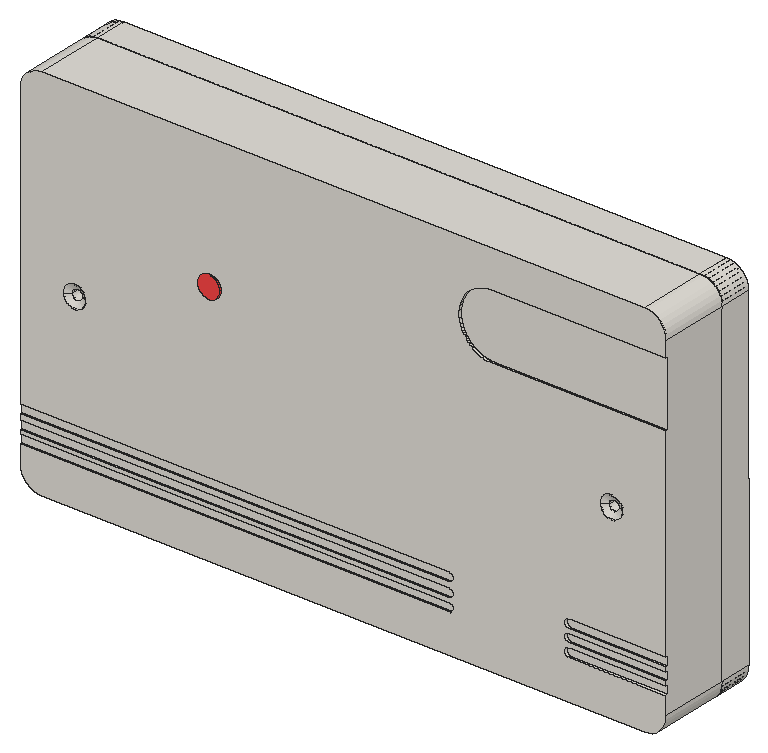
Revit family "TYCO-FPP-Zettler-LIM800 Ancillary line isolator module", category Electrical Fixtures, Revit 2014
Parameters (values of type "TYCO-FPP-Zettler-LIM800 Ancillary line isolator module")
  Wire Size (maximum) = "2.5sq. mm"
  Width = 84 mm  # constant formula
  URL = "https://www.tycosafetyproducts-anz.com/public/Datasheet/LIM800infTFPP1505.pdf"
  Type Comments = "Automatic short-circuit protection for the\r\nMX Addressable Loop"
  Thickness = 3 mm  # constant formula
  Storage Temperature = "–40°C to +80°C"
  Series Resistance (max.) = "0.25 Ohm"
  Relative Humidity = "10% to 95%"
  Rear Cover = yes
  PCB = PCB
  Model = "Zettler - 545.800.004"
  Manufacturer = "Tyco"
  Loop Voltage = "20V to 40Vdc"
  Length = 61 mm  # constant formula
  Keynote = "LED indication of LIM800 operation"
  Input Current = "80μA"
  Front Cover = yes
  Equivalent Capacitance = "0.5nF"
  Description = "The LIM800 is an MX Addressable Loop Isolator Module\r\nthat can be used to provide short circuit isolation between\r\nzones or portions of the MX addressable loop."
  Ambient Temperature = "–25°C to +70°C"
Reference planes
  plane 1 "Center (Front/Back)": y = 0
  plane 2: z = 0
  plane 3 "Center (Left/Right)": x = 0
  plane 4: z = 30.5
  plane 5: z = -30.5
  plane 6: x = -42
  plane 7: x = 42
  plane 8: y = -1.5
  plane 9: y = 1.5
Forms (mm)
  Extrusion 1, solid, material "PCB" <- "PCB", detail levels fine
    sketch origin (0, 0, 0) x (1, 0, 0) y (0, 0, 1)
      loop
        line (-42, 30.5) -> (-42, -30.5) -> (42, -30.5) -> (42, 30.5) -> (-42, 30.5)
      loop
        circle (-28.063, -14.377) r 3
      loop
        circle (-28.063, 14.377) r 3
      loop
        circle (28.063, -14.377) r 3
      loop
        circle (28.063, 14.377) r 3
      loop
        circle (37.958, 26.968) r 1.5
      loop
        circle (37.958, -26.968) r 1.5
      loop
        circle (-37.958, -26.968) r 1.5
      loop
        circle (-37.958, 16.045) r 1.5
    from -1.5 to 1.5
  Extrusion 2, solid, material "Black", detail levels fine
    sketch origin (0, 0, 0) x (0, 1, 0) y (0, 0, 1)
      loop
        line (-1.5, 31.643) -> (-4.93, 31.643) -> (-9.089, 28.731) -> (-9.089, 23.472) -> (-5.814, 20.197) -> (-1.5, 20.197) -> (-1.5, 31.643)
    from -7.445 to 22.842
  Extrusion 3, solid, detail levels fine
    sketch origin (-77.558, -4572, 30.5) x (-1, 0, 0) y (0, -1, 0)
      loop
        line (-70.898, -4568.182) -> (-70.898, -4564.16) -> (-75.179, -4564.16) -> (-75.179, -4568.182) -> (-70.898, -4568.182)
      loop
        line (-75.898, -4568.182) -> (-75.898, -4564.16) -> (-80.179, -4564.16) -> (-80.179, -4568.182) -> (-75.898, -4568.182)
      loop
        line (-80.898, -4568.182) -> (-80.898, -4564.16) -> (-85.179, -4564.16) -> (-85.179, -4568.182) -> (-80.898, -4568.182)
      loop
        line (-85.898, -4568.182) -> (-85.898, -4564.16) -> (-90.179, -4564.16) -> (-90.179, -4568.182) -> (-85.898, -4568.182)
      loop
        line (-90.418, -4568.182) -> (-90.418, -4564.16) -> (-94.699, -4564.16) -> (-94.699, -4568.182) -> (-90.418, -4568.182)
      loop
        line (-95.418, -4568.182) -> (-95.418, -4564.16) -> (-99.699, -4564.16) -> (-99.699, -4568.182) -> (-95.418, -4568.182)
    from -8.919 to 0
Lines and regions (mm)
  model lines, detail levels fine
    curve 1: line (12.723, -1.5, 10.997) -> (15.219, -1.5, 8.5)
    curve 2: line (15.219, -1.5, 8.5) -> (32.386, -1.5, 8.5)
    curve 3: line (32.386, -1.5, 8.5) -> (34.594, -1.5, 6.292)
    curve 4: line (34.594, -1.5, 6.292) -> (34.594, -1.5, -18.708)
    curve 5: line (35.394, -1.5, 6.292) -> (35.394, -1.5, -19.007)
    curve 6: line (32.951, -1.5, 9.066) -> (35.394, -1.5, 6.292)
    curve 7: line (15.785, -1.5, 9.066) -> (32.951, -1.5, 9.066)
    curve 8: line (13.288, -1.5, 11.562) -> (15.785, -1.5, 9.066)
    curve 9: line (12.723, -1.5, 10.997) -> (13.288, -1.5, 11.562)
    curve 10: line (34.594, -1.5, -18.708) -> (29.041, -1.5, -25.096)
    curve 11: line (29.041, -1.5, -25.096) -> (-5.488, -1.5, -25.096)
    curve 12: line (29.406, -1.5, -25.896) -> (-5.488, -1.5, -25.896)
    curve 13: line (35.394, -1.5, -19.007) -> (29.406, -1.5, -25.896)
    curve 14: line (-5.488, -1.5, -25.896) -> (-5.488, -1.5, -25.096)
    curve 15: line (-25.062, -1.5, 2.391) -> (-25.062, -1.5, -6.777)
    curve 16: line (-24.262, -1.5, 2.353) -> (-24.262, -1.5, -6.749)
    curve 17: circle (-24.628, -1.5, 3.083) r 0.816 normal (0, 1, 0)
    curve 18: circle (-24.638, -1.5, -7.474) r 0.816 normal (0, 1, 0)
    curve 19: line (-21.323, -1.5, 10.072) -> (-21.323, -1.5, 5.072)
    curve 20: line (-21.323, -1.5, 5.072) -> (-18.092, -1.5, 1.841)
    curve 21: line (-18.092, -1.5, 1.841) -> (-18.092, -1.5, -5.662)
    curve 22: line (-20.523, -1.5, 10.072) -> (-20.523, -1.5, 5.403)
    curve 23: line (-20.523, -1.5, 5.403) -> (-17.292, -1.5, 2.172)
    curve 24: line (-17.292, -1.5, 2.172) -> (-17.292, -1.5, -5.663)
    curve 25: circle (-20.935, -1.5, 10.607) r 0.816 normal (0, 1, 0)
    curve 26: circle (-17.693, -1.5, -6.374) r 0.816 normal (0, 1, 0)
    curve 27: line (11.71, -1.5, 6.738) -> (14.482, -1.5, 3.967)
    curve 28: line (14.482, -1.5, 3.967) -> (26.989, -1.5, 3.967)
    curve 29: line (28.809, -1.5, 2.147) -> (28.809, -1.5, -8.98)
    curve 30: line (12.276, -1.5, 7.304) -> (14.814, -1.5, 4.767)
    curve 31: line (14.814, -1.5, 4.767) -> (27.1, -1.5, 4.767)
    curve 32: line (29.609, -1.5, 2.258) -> (29.609, -1.5, -8.935)
    curve 33: arc (26.989, -1.5, 3.967) -> (28.276, -1.5, 3.434) -> (28.809, -1.5, 2.147) r 1.82
    curve 34: arc (27.1, -1.5, 4.767) -> (28.874, -1.5, 4.032) -> (29.609, -1.5, 2.258) r 2.508
    curve 35: line (11.71, -1.5, 6.738) -> (12.276, -1.5, 7.304)
    curve 36: line (24.601, -1.5, 0.851) -> (24.601, -1.5, -6.744)
    curve 37: line (22.842, -1.5, -8.503) -> (8.528, -1.5, -8.503)
    curve 38: line (22.449, -1.5, -7.703) -> (8.528, -1.5, -7.703)
    curve 39: line (23.801, -1.5, 0.851) -> (23.801, -1.5, -6.351)
    curve 40: arc (23.801, -1.5, -6.351) -> (23.405, -1.5, -7.307) -> (22.449, -1.5, -7.703) r 1.352
    curve 41: arc (24.601, -1.5, -6.744) -> (24.086, -1.5, -7.988) -> (22.842, -1.5, -8.503) r 1.759
    curve 42: line (23.801, -1.5, 0.851) -> (24.601, -1.5, 0.851)
    curve 43: line (8.528, -1.5, -8.503) -> (8.528, -1.5, -7.703)
    curve 44: circle (29.248, -1.5, -9.668) r 0.816 normal (0, 1, 0)
  model lines, detail levels coarse+medium
    curve 45: line (-42, 1.5, 30.5) -> (42, 1.5, 30.5)
    curve 46: line (-42, 1.5, -30.5) -> (-42, 1.5, 30.5)
    curve 47: line (42, 1.5, -30.5) -> (-42, 1.5, -30.5)
    curve 48: line (42, 1.5, 30.5) -> (42, 1.5, -30.5)
Dimensions and locks
  equal spacing: plane 4, plane 2, plane 5
  "Length": plane 4 to plane 5
  equal spacing: plane 7, plane 3 "Center (Left/Right)", plane 6
  "Width": plane 7 to plane 6
  equal spacing: plane 8, plane 1 "Center (Front/Back)", plane 9
  "Thickness": plane 8 to plane 9
  aligned and locked: level to plane 2
  aligned and locked: Extrusion 1 sketch curve to plane 4
  aligned and locked: plane 6 to Extrusion 1 sketch curve
  aligned and locked: Extrusion 1 sketch curve to plane 5
  aligned and locked: plane 7 to Extrusion 1 sketch curve
  aligned and locked: Extrusion 1 to plane 9
  aligned and locked: Extrusion 1 to plane 8
  aligned and locked: curve 45 to Extrusion 1
  aligned and locked: curve 46 to Extrusion 1
  aligned and locked: curve 47 to Extrusion 1
  aligned and locked: curve 48 to Extrusion 1
  aligned and locked: plane 3 "Center (Left/Right)" to nested 1
  aligned and locked: plane 2 to nested 1
  aligned and locked: plane 3 "Center (Left/Right)" to nested 2
  aligned and locked: plane 2 to nested 2
Automatic sketch dimensions
  plane 6 to Extrusion 1 sketch curve = 4.042 mm  (x2)
  Extrusion 1 sketch curve to Extrusion 1 sketch curve = 9.895 mm
  plane 6 to Extrusion 1 sketch curve = 13.937 mm
  plane 7 to Extrusion 1 sketch curve = 13.937 mm  (x2)
  plane 7 to Extrusion 1 sketch curve = 4.042 mm  (x2)
  Extrusion 1 sketch curve to plane 5 = 3.532 mm  (x2)
  Extrusion 1 sketch curve to level = 14.377 mm  (x2)
  level to Extrusion 1 sketch curve = 14.377 mm  (x2)
  Extrusion 1 sketch curve to Extrusion 1 sketch curve = 1.668 mm
  Extrusion 1 sketch curve to plane 4 = 3.532 mm
  curve 9 to Extrusion 1 = 29.277 mm
  curve 8 to Extrusion 1 = 18.938 mm
  curve 1 to curve 8 = 0.566 mm  (x2)
  curve 1 to curve 2 = 2.496 mm
  curve 1 to curve 7 = 0.566 mm
  curve 3 to Extrusion 1 = 9.614 mm
  curve 2 to curve 7 = 0.566 mm
  curve 2 to curve 4 = 2.208 mm
  curve 3 to curve 6 = 0.8 mm
  curve 3 to curve 2 = 2.208 mm
  curve 6 to curve 3 = 0 mm
  curve 4 to Extrusion 1 = 11.792 mm
  curve 5 to curve 4 = 0.299 mm
  curve 13 to plane 5 = 4.604 mm
  curve 12 to curve 14 = 0.8 mm
  curve 44 to level = 9.668 mm
  curve 43 to level = 8.503 mm
  curve 37 to curve 43 = 0.8 mm
  curve 18 to level = 7.474 mm
  curve 38 to curve 36 = 0.959 mm
  curve 26 to level = 6.374 mm
  curve 36 to curve 39 = 0.393 mm
  level to curve 42 = 0.851 mm
  level to curve 21 = 1.841 mm
  level to curve 29 = 2.147 mm
  curve 20 to curve 24 = 0.331 mm
  curve 33 to curve 32 = 0.111 mm
  level to curve 17 = 3.083 mm
  level to curve 28 = 3.967 mm
  curve 27 to curve 30 = 0.8 mm
  curve 17 to curve 20 = 1.989 mm
  curve 19 to curve 23 = 0.331 mm
  curve 30 to curve 35 = 1.972 mm
  curve 27 to curve 30 = 0.566 mm
  curve 22 to curve 25 = 5.204 mm
  plane 6 to curve 18 = 17.362 mm
  curve 18 to curve 17 = 0.009 mm
  curve 17 to curve 20 = 3.305 mm
  curve 19 to curve 25 = 0.388 mm
  curve 19 to curve 23 = 0.8 mm
  curve 22 to curve 20 = 2.431 mm
  curve 21 to curve 26 = 0.399 mm
  curve 20 to curve 24 = 0.8 mm
  curve 14 to plane 3 "Center (Left/Right)" = 5.488 mm
  plane 3 "Center (Left/Right)" to curve 37 = 8.528 mm
  plane 3 "Center (Left/Right)" to curve 35 = 11.71 mm
  curve 27 to curve 35 = 0.566 mm
  curve 38 to curve 38 = 13.921 mm
  curve 40 to curve 37 = 0.393 mm
  curve 36 to curve 28 = 2.388 mm
  curve 33 to curve 34 = 0.111 mm
  plane 7 to curve 10 = 12.959 mm
  curve 29 to curve 44 = 0.44 mm
  curve 10 to curve 13 = 0.365 mm
  curve 10 to curve 13 = 6.088 mm
  curve 13 to curve 10 = 0.299 mm
  curve 44 to curve 29 = 0.688 mm
  curve 18 to curve 15 = 0.697 mm
  curve 15 to curve 16 = 0.028 mm
  curve 26 to curve 24 = 0.711 mm
  curve 16 to curve 17 = 0.73 mm
  curve 16 to curve 15 = 0.038 mm
  curve 19 to curve 25 = 0.535 mm
  curve 22 to curve 25 = 0.535 mm
  plane 7 to curve 10 = 7.406 mm
  curve 10 to curve 13 = 0.8 mm
  Extrusion 2 sketch curve to plane 8 = 0 mm
  plane 4 to Extrusion 2 sketch curve = 1.143 mm
  Extrusion 2 sketch curve to Extrusion 2 sketch curve = 3.43 mm
  Extrusion 2 sketch curve to Extrusion 2 sketch curve = 4.314 mm
  Extrusion 2 sketch curve to Extrusion 2 sketch curve = 3.275 mm  (x2)
  Extrusion 2 sketch curve to plane 4 = 1.769 mm
  Extrusion 2 sketch curve to Extrusion 2 sketch curve = 5.259 mm
  Extrusion 3 sketch curve to plane 8 = 2.318 mm  (x2)
  plane 7 to Extrusion 3 sketch curve = 19.859 mm
  Extrusion 3 sketch curve to Extrusion 3 sketch curve = 4.281 mm  (x4)
  Extrusion 3 sketch curve to Extrusion 3 sketch curve = 0.719 mm  (x4)
  Extrusion 3 sketch curve to Extrusion 3 sketch curve = 0.239 mm
  plane 3 "Center (Left/Right)" to Extrusion 3 sketch curve = 3.34 mm
  Extrusion 3 sketch curve to plane 3 "Center (Left/Right)" = 1.66 mm
  Extrusion 3 sketch curve to Extrusion 3 sketch curve = 0 mm  (x9)
  Extrusion 3 sketch curve to Extrusion 3 sketch curve = 4.022 mm
  radius of Extrusion 1 sketch curve = 3 mm  (x4)
  radius of Extrusion 1 sketch curve = 1.5 mm  (x4)
  radius of curve 25 = 0.816 mm
Nested families
  nested 1: "517.035.007" at (0, 7, 0), visible <- "Front Cover", type "517.035.007 cover"
    with Front Cover yes
  nested 2: "517.035.010 rear cover" at (0, 0, -7.5), visible <- "Rear Cover", type "517.035.010 back box"
    with Rear cover yes
Connectors
  electrical at (0, 1.5, 0)
    settings: on Extrusion 1, index 1, voltage 0 V, apparent load 0 VA, apparent load phase1 0 VA, apparent load phase2 0 VA, apparent load phase3 0 VA, power factor 1, load classification "Other", number of poles 1, system type 10, power factor state 1, is connector primary yes, connector utility no, sub classification motor no, connector description ""
Definition of nested family "517.035.007"
  Parameters (values of type "517.035.007 cover")
    X = 2 mm
    W = 148 mm
    Type Comments = "M520 Ancillary cover for use with 800 series modules.\r\nWill fit onto a MK style double gang back box."
    Model = "517.035.007"
    Material = Cover
    Manufacturer = "Tyco"
    L = 87 mm
    Front Cover [instance] = yes
    Description = "M520 Ancillary Cover"
    D = 23 mm
  Reference planes
    plane 1 "Center (Front/Back)": y = 0
    plane 2: z = 0
    plane 3 "Center (Left/Right)": x = 0
    plane 4: x = -74
    plane 5: x = 74
    plane 6: x = 61.5
    plane 7: z = 43.5
    plane 8: z = -43.5
    plane 9: y = -23
  Forms (mm)
    Extrusion 1, solid, material "Cover" <- "Material", visible <- "Front Cover", detail levels fine
      sketch origin (0, -23.027, 0) x (1, 0, 0) y (0, 0, 1)
        loop
          arc (-69, 43.5) -> (-72.536, 42.036) -> (-74, 38.5) r 5
          line (-74, 38.5) -> (-74, -38.5)
          arc (-74, -38.5) -> (-72.536, -42.036) -> (-69, -43.5) r 5
          line (-69, -43.5) -> (69, -43.5)
          arc (69, -43.5) -> (72.536, -42.036) -> (74, -38.5) r 5
          line (74, -38.5) -> (74, 38.5)
          arc (74, 38.5) -> (72.536, 42.036) -> (69, 43.5) r 5
          line (69, 43.5) -> (-69, 43.5)
      from -23 to 0
    Extrusion 2, void
      sketch origin (0, -23.027, 0) x (-1, 0, 0) y (0, 0, 1)
        loop
          line (74, -26.396) -> (-24.324, -26.396)
          arc (-24.324, -26.396) -> (-25.324, -27.396) -> (-24.324, -28.396) r 1
          line (-24.324, -28.396) -> (74, -28.396) -> (74, -26.396)
        loop
          line (74, -29.671) -> (-24.324, -29.671)
          arc (-24.324, -29.671) -> (-25.324, -30.671) -> (-24.324, -31.671) r 1
          line (-24.324, -31.671) -> (74, -31.671) -> (74, -29.671)
        loop
          line (74, -32.583) -> (-24.324, -32.583)
          arc (-24.324, -32.583) -> (-25.324, -33.583) -> (-24.324, -34.583) r 1
          line (-24.324, -34.583) -> (74, -34.583) -> (74, -32.583)
        loop
          line (-51.834, -26.396) -> (-74, -26.396) -> (-74, -28.396) -> (-51.834, -28.396)
          arc (-51.834, -28.396) -> (-50.834, -27.396) -> (-51.834, -26.396) r 1
        loop
          line (-51.834, -29.305) -> (-74, -29.305) -> (-74, -31.305) -> (-51.834, -31.305)
          arc (-51.834, -31.305) -> (-50.834, -30.305) -> (-51.834, -29.305) r 1
        loop
          line (-51.834, -32.254) -> (-74, -32.254) -> (-74, -34.254) -> (-51.834, -34.254)
          arc (-51.834, -34.254) -> (-50.834, -33.254) -> (-51.834, -32.254) r 1
        loop
          line (-74, 34.995) -> (-74, 19.995) -> (-34, 19.995)
          arc (-34, 19.995) -> (-26.5, 27.495) -> (-34, 34.995) r 7.5
          line (-34, 34.995) -> (-74, 34.995)
      from 0 to 0.563
    Revolve 3, void
      sketch origin (0, -23.027, 0) x (0, -1, 0) y (1, 0, 0)
        loop
          line (-3.575, 61.5) -> (0, 61.5) -> (0, 64.045) -> (-0.836, 62.678) -> (-3.575, 62.678) -> (-3.575, 61.5)
        axis (-3.575, 61.5) -> (0, 61.5)
      angle from 0 to 360
    Extrusion 4, solid, material "LED RED", detail levels fine
      sketch origin (0, -23.027, 0) x (1, 0, 0) y (0, 0, 1)
        loop
          circle (-30.624, 12.978) r 2.558
      from -1.293 to 0.174
    Extrusion 5, void
      sketch origin (-94.576, -0.027, -4572) x (1, 0, 0) y (0, 0, -1)
        loop
          line (26.703, -4612.567) -> (162.316, -4612.567)
          arc (162.316, -4612.567) -> (164.664, -4611.594) -> (165.637, -4609.246) r 3.321
          line (165.637, -4609.246) -> (165.637, -4534.612)
          arc (165.637, -4534.612) -> (164.589, -4532.082) -> (162.058, -4531.033) r 3.578
          line (162.058, -4531.033) -> (27.05, -4531.033)
          arc (27.05, -4531.033) -> (24.499, -4532.09) -> (23.442, -4534.641) r 3.608
          line (23.442, -4534.641) -> (23.442, -4609.306)
          arc (23.442, -4609.306) -> (24.397, -4611.612) -> (26.703, -4612.567) r 3.261
      from 0 to -19.425
    Revolve 6, void
      sketch origin (0, -23.027, 0) x (0, 1, 0) y (-1, 0, 0)
        loop
          line (3.575, 61.5) -> (3.575, 62.678) -> (0.836, 62.678) -> (0, 64.045) -> (0, 61.5) -> (3.575, 61.5)
        axis (3.575, 61.5) -> (0, 61.5)
      angle from 0 to 360
  Cuts and joins
    Extrusion 2, Revolve 3, Extrusion 5, Revolve 6 cuts Extrusion 1
  Dimensions and locks
    equal spacing: plane 4, plane 3 "Center (Left/Right)", plane 5
    "W": plane 4 to plane 5
    locked: plane 5 to plane 6 at 12.5
    equal spacing: plane 7, level, plane 8
    "L": plane 7 to plane 8
    "D": plane 9 to plane 1 "Center (Front/Back)"
    aligned and locked: plane 2 to level
    aligned and locked: Extrusion 1 to Extrusion 5
    aligned and locked: Extrusion 1 sketch curve to plane 7
    aligned and locked: plane 4 to Extrusion 1 sketch curve
    aligned and locked: Extrusion 1 sketch curve to plane 8
    aligned and locked: Extrusion 1 to Extrusion 2
  Automatic sketch dimensions
    plane 5 to Extrusion 1 sketch curve = 0 mm
    plane 4 to Extrusion 1 sketch curve = 5 mm  (x2)
    plane 5 to Extrusion 1 sketch curve = 5 mm
    Extrusion 1 sketch curve to Extrusion 1 sketch curve = 5 mm
    plane 5 to Extrusion 2 sketch curve = 0 mm  (x4)
    Extrusion 2 sketch curve to plane 4 = 0 mm  (x3)
    Extrusion 2 sketch curve to plane 6 = 9.666 mm
    Extrusion 2 sketch curve to Extrusion 2 sketch curve = 0 mm  (x4)
    Extrusion 2 sketch curve to plane 6 = 27.5 mm
    Extrusion 2 sketch curve to plane 8 = 9.917 mm
    plane 3 "Center (Left/Right)" to Extrusion 2 sketch curve = 24.324 mm
    Extrusion 2 sketch curve to plane 8 = 9.246 mm
    Extrusion 2 sketch curve to plane 8 = 8.917 mm
    Extrusion 2 sketch curve to Extrusion 2 sketch curve = 1 mm  (x5)
    Extrusion 2 sketch curve to Extrusion 2 sketch curve = 0.912 mm
    Extrusion 2 sketch curve to Extrusion 2 sketch curve = 0.95 mm
    Extrusion 2 sketch curve to Extrusion 2 sketch curve = 0.908 mm
    Extrusion 2 sketch curve to Extrusion 2 sketch curve = 1.275 mm
    level to Extrusion 2 sketch curve = 19.995 mm
    Extrusion 2 sketch curve to Extrusion 2 sketch curve = 7.5 mm
    Revolve 3 sketch curve to plane 6 = 0 mm  (x2)
    plane 1 "Center (Front/Back)" to Revolve 3 sketch curve = 19.452 mm
    plane 6 to Revolve 3 sketch curve = 1.178 mm
    Revolve 3 sketch curve to Revolve 3 sketch curve = 2.739 mm
    plane 6 to Revolve 3 sketch curve = 2.545 mm
    Revolve 3 sketch curve to Revolve 3 sketch curve = 0.836 mm
    Revolve 3 sketch curve to Revolve 3 sketch curve = 0.558 mm
    Revolve 3 sketch curve to Revolve 3 sketch curve = 1.62 mm
    Extrusion 4 sketch curve to Extrusion 1 = 43.376 mm
    Extrusion 4 sketch curve to Extrusion 1 = 30.522 mm
    plane 4 to Extrusion 5 sketch curve = 2.867 mm
    Extrusion 5 sketch curve to plane 7 = 2.933 mm
    Extrusion 5 sketch curve to Extrusion 5 sketch curve = 3.261 mm
    Extrusion 5 sketch curve to plane 8 = 2.533 mm
    Extrusion 5 sketch curve to Extrusion 5 sketch curve = 3.608 mm
    plane 6 to Extrusion 5 sketch curve = 5.983 mm
    plane 6 to Extrusion 5 sketch curve = 6.24 mm
    plane 5 to Extrusion 5 sketch curve = 2.939 mm
    plane 1 "Center (Front/Back)" to Revolve 6 sketch curve = 23.027 mm
    Revolve 6 sketch curve to Revolve 6 sketch curve = 0.836 mm
    Revolve 6 sketch curve to Revolve 6 sketch curve = 2.739 mm
    plane 4 to Revolve 6 sketch curve = 12.5 mm
    Revolve 6 sketch curve to Revolve 6 sketch curve = 1.178 mm
    Revolve 6 sketch curve to Revolve 6 sketch curve = 1.367 mm
    Revolve 6 sketch curve to Revolve 6 sketch curve = 1.62 mm
    Revolve 6 sketch curve to Revolve 6 sketch curve = 0.558 mm
    Revolve 6 sketch curve to Revolve 6 sketch curve = 0 mm
    radius of Extrusion 4 sketch curve = 2.558 mm
Definition of nested family "517.035.010 rear cover"
  Parameters (values of type "517.035.010 back box")
    W = 148 mm
    URL = "http://tfppemea.com/en/_layouts/fsassets/Docs/Detection_FireClass/UK%20FireClass%20CATALOGUE%20(LR).pdf"
    Type Comments = "K2142 White plastic surface mount MK backbox for use\r\nwith 800 Series addressable ancillaries using 517.035.007\r\ncover."
    Rear cover [instance] = yes
    Model = "517.035.010\r\n517.035.010"
    Manufacturer = "Tyco"
    L = 87 mm
    Finish = rear cover
    Description = "K2142 White Plastic Surface Mount MK\r\nbackbox"
  Reference planes
    plane 1 "Center (Front/Back)": y = 0
    plane 2: z = 0
    plane 3 "Center (Left/Right)": x = 0
    plane 4: x = -74
    plane 5: x = 74
    plane 6: z = 7.5
  Forms (mm)
    Extrusion 1, solid, material "rear cover" <- "Finish", visible <- "Rear cover", detail levels fine
      sketch origin (0, 7.5, 7.5) x (1, 0, 0) y (0, 0, 1)
        loop
          arc (-69, 43.5) -> (-72.536, 42.036) -> (-74, 38.5) r 5
          line (-74, 38.5) -> (-74, -38.5)
          arc (-74, -38.5) -> (-72.536, -42.036) -> (-69, -43.5) r 5
          line (-69, -43.5) -> (69, -43.5)
          arc (69, -43.5) -> (72.536, -42.036) -> (74, -38.5) r 5
          line (74, -38.5) -> (74, 38.5)
          arc (74, 38.5) -> (72.536, 42.036) -> (69, 43.5) r 5
          line (69, 43.5) -> (-69, 43.5)
      from 0 to 7.5
    Extrusion 2, void
      sketch origin (0, 0, 0) x (-1, 0, 0) y (0, 0, 1)
        loop
          line (71.151, 48.985) -> (-71.802, 48.985) -> (-71.802, -33.613) -> (71.151, -33.613) -> (71.151, 48.985)
        loop
          circle (-61, 7.5) r 1.229
        loop
          circle (-61, 7.5) r 2.2
        loop
          circle (61, 7.5) r 1.229
        loop
          circle (61, 7.5) r 2.2
      from 0 to 6.364
  Cuts and joins
    Extrusion 2 cuts Extrusion 1
  Dimensions and locks
    equal spacing: plane 4, plane 3 "Center (Left/Right)", plane 5
    "W": plane 4 to plane 5
    plane 6 to plane 2 = 7.5 mm
    aligned and locked: plane 2 to level
    aligned and locked: Extrusion 1 sketch curve to plane 4
    aligned and locked: Extrusion 1 sketch curve to plane 5
  Automatic sketch dimensions
    Extrusion 1 sketch curve to plane 4 = 5 mm
    Extrusion 1 sketch curve to Extrusion 1 sketch curve = 5 mm
    Extrusion 1 sketch curve to plane 5 = 5 mm  (x2)
    Extrusion 1 sketch curve to level = 36 mm
    plane 6 to Extrusion 1 sketch curve = 38.5 mm
    Extrusion 2 sketch curve to Extrusion 2 sketch curve = 0 mm  (x4)
    Extrusion 2 sketch curve to plane 6 = 0 mm  (x2)
    Extrusion 2 sketch curve to plane 5 = 2.198 mm
    Extrusion 2 sketch curve to plane 5 = 13 mm
    Extrusion 2 sketch curve to plane 4 = 13 mm
    Extrusion 2 sketch curve to plane 4 = 2.849 mm
    Extrusion 2 sketch curve to level = 33.613 mm
    plane 6 to Extrusion 2 sketch curve = 41.485 mm
    radius of Extrusion 2 sketch curve = 1.229 mm  (x2)
    radius of Extrusion 2 sketch curve = 2.2 mm  (x2)
